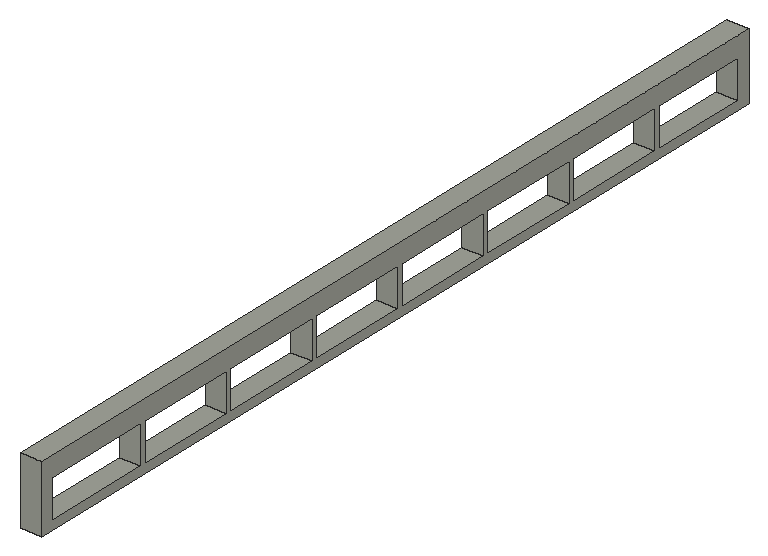
Revit family "CT_Viga_Treliça", category Structural Framing, Revit 2025
Family settings
  Structural Framing Length Roundoff = 0.000 m
  Section Shape = Not Defined
  Material for Model Behavior = Other
  Always export as geometry = No
  Work Plane-Based = No
  Always vertical = Yes
  Cut with Voids When Loaded = No
  Symbolic Representation = From Family
  Shared = No
  Show family pre-cut in plan views = Yes
Parameters (values of type "VIG_BLC_CON_TRE")
  h = 0.580 m
  b = 0.200 m
  Material_Vigas = CT_Concreto
  Default Elevation = 0.000 m
Reference planes (m)
  plane 1 "Centro (Frente/Trás)": y = 0
  plane 2: z = 0
  plane 3 "Centro (Esquerda/Direita)": x = 0
  plane 4: y = 2.5
  plane 5: y = 2.5
  plane 6: y = 5
  plane 7: y = 7.5
  plane 8: y = -2.5
  plane 9: y = -5
  plane 10: y = -7.5
Forms (m)
  Extrusion 1, solid, material "CT_Concreto" <- "Material_Vigas"
    sketch origin (0, -0.15, 0) x (0, -1, 0) y (0, 0, -1)
      loop
        line (10.3005, -1.57) -> (10.3005, 0) -> (-10.3245, 0) -> (-10.3245, -1.57) -> (10.3005, -1.57)
      loop
        line (-0.2, -1.1) -> (-0.2, -0.2) -> (-2.6, -0.2) -> (-2.6, -1.1) -> (-0.2, -1.1)
      loop
        line (-5.1, -1.1) -> (-2.7, -1.1) -> (-2.7, -0.2) -> (-5.1, -0.2) -> (-5.1, -1.1)
      loop
        line (-5.2, -1.1) -> (-5.2, -0.2) -> (-7.6, -0.2) -> (-7.6, -1.1) -> (-5.2, -1.1)
      loop
        line (-7.7, -1.1) -> (-7.7, -0.2) -> (-10.0245, -0.2) -> (-10.0245, -1.1) -> (-7.7, -1.1)
      loop
        line (-0.1, -1.1) -> (2.3, -1.1) -> (2.3, -0.2) -> (-0.1, -0.2) -> (-0.1, -1.1)
      loop
        line (4.8, -1.1) -> (4.8, -0.2) -> (2.4, -0.2) -> (2.4, -1.1) -> (4.8, -1.1)
      loop
        line (4.9, -1.1) -> (7.3, -1.1) -> (7.3, -0.2) -> (4.9, -0.2) -> (4.9, -1.1)
      loop
        line (7.4, -1.1) -> (10.0005, -1.1) -> (10.0005, -0.2) -> (7.4, -0.2) -> (7.4, -1.1)
    from 0 to 0.5
Dimensions and locks (m)
  Extrusion 1 to Extrusion 1 = 20.625 m
  plane 7 to plane 6 to plane 5 to plane 1 "Centro (Frente/Trás)" = 2.500 m, 2.500 m, 2.500 m
  plane 7 to plane 1 "Centro (Frente/Trás)" = 7.500 m
  aligned and locked: level to plane 2
